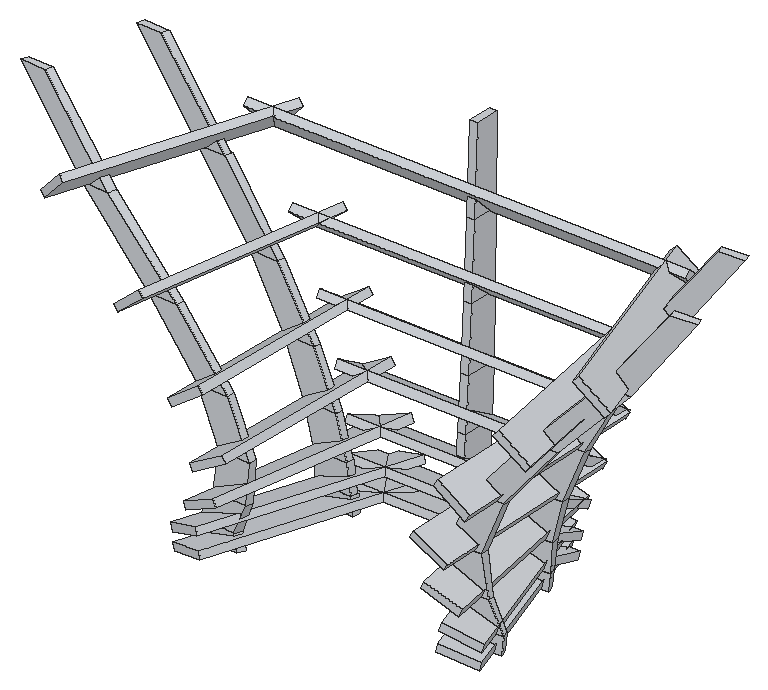
Revit family
Reference planes
  plane 1 "Centro (Fronte/Retro)": y = 0
  plane 2: z = 0
  plane 3 "Centro (Sinistra/Destra)": x = 0
Nested families
  nested 1: "RIBs+SPINEs" at (0, 0, 0), type "RIBs+SPINEs"
    with aa_width_next 181.262 mm, aa_width 187.939 mm, aa_spine plane1 201.612 mm, aa_real width 187.939 mm, aa_height 68.404 mm, TORSION_next 25.00°, TORSION 20.00°, SLIDING xy_next 10.00°, SLIDING xy 18.6603°, OFFSET_lat_next 54 mm, OFFSET_lat 16 mm, OFFSET_back_next 60 mm, OFFSET_back 40 mm, MARKER 2, HEIGHT_next 270 mm, HEIGHT 120 mm, BOARD width 200 mm
  nested 2: "RIBs+SPINEs" at (0, 0, 0), type "RIBs+SPINEs"
    with aa_width_next 187.939 mm, aa_width 193.185 mm, aa_spine plane1 201.612 mm, aa_real width 193.185 mm, aa_height 51.764 mm, TORSION_next 20.00°, TORSION 15.00°, SLIDING xy_next 18.6603°, SLIDING xy 18.6603°, OFFSET_lat_next 16 mm, OFFSET_lat 2 mm, OFFSET_back_next 40 mm, OFFSET_back 20 mm, MARKER 1, HEIGHT_next 120 mm, HEIGHT 30 mm, BOARD width 200 mm
  nested 3: "RIBs+SPINEs" at (0, 0, 0), type "RIBs+SPINEs"
    with aa_width_next 128.558 mm, aa_width 141.421 mm, aa_spine plane1 201.612 mm, aa_real width 141.421 mm, aa_height 141.421 mm, TORSION_next 50.00°, TORSION 45.00°, SLIDING xy_next 18.6603°, SLIDING xy 18.6603°, OFFSET_lat_next 1024 mm, OFFSET_lat 686 mm, OFFSET_back_next 160 mm, OFFSET_back 140 mm, MARKER 7, HEIGHT_next 1920 mm, HEIGHT 1470 mm, BOARD width 200 mm
  nested 4: "RIBs+SPINEs" at (0, 0, 0), type "RIBs+SPINEs"
    with aa_width_next 153.209 mm, aa_width 163.83 mm, aa_spine plane1 200.88 mm, aa_real width 163.83 mm, aa_height 114.715 mm, TORSION_next 40.00°, TORSION 35.00°, SLIDING xy_next 10.00°, SLIDING xy 1.33975°, OFFSET_lat_next 432 mm, OFFSET_lat 250 mm, OFFSET_back_next 120 mm, OFFSET_back 100 mm, MARKER 5, HEIGHT_next 1080 mm, HEIGHT 750 mm, BOARD width 200 mm
  nested 5: "RIBs+SPINEs" at (0, 0, 0), type "RIBs+SPINEs"
    with aa_width_next 163.83 mm, aa_width 173.205 mm, aa_spine plane1 200.88 mm, aa_real width 173.205 mm, aa_height 100 mm, TORSION_next 35.00°, TORSION 30.00°, SLIDING xy_next 1.33975°, SLIDING xy 1.33975°, OFFSET_lat_next 250 mm, OFFSET_lat 128 mm, OFFSET_back_next 100 mm, OFFSET_back 80 mm, MARKER 4, HEIGHT_next 750 mm, HEIGHT 480 mm, BOARD width 200 mm
  nested 6: "RIBs+SPINEs" at (0, 0, 0), type "RIBs+SPINEs"
    with aa_width_next 141.421 mm, aa_width 153.209 mm, aa_spine plane1 203.802 mm, aa_real width 153.209 mm, aa_height 128.558 mm, TORSION_next 45.00°, TORSION 40.00°, SLIDING xy_next 18.6603°, SLIDING xy 10.00°, OFFSET_lat_next 686 mm, OFFSET_lat 432 mm, OFFSET_back_next 140 mm, OFFSET_back 120 mm, MARKER 6, HEIGHT_next 1470 mm, HEIGHT 1080 mm, BOARD width 200 mm
  nested 7: "RIBs+SPINEs" at (0, 0, 0), type "RIBs+SPINEs"
    with aa_width_next 173.205 mm, aa_width 181.262 mm, aa_spine plane1 203.802 mm, aa_real width 181.262 mm, aa_height 84.524 mm, TORSION_next 30.00°, TORSION 25.00°, SLIDING xy_next 1.33975°, SLIDING xy 10.00°, OFFSET_lat_next 128 mm, OFFSET_lat 54 mm, OFFSET_back_next 80 mm, OFFSET_back 60 mm, MARKER 3, HEIGHT_next 480 mm, HEIGHT 270 mm, BOARD width 200 mm
Definition of nested family "RIBs+SPINEs"
  Parameters
    chair_WIDTH = 680 mm
    chair_DEPTH = 830 mm
    aa_width_next [instance] = if(BOARD width * cos(TORSION_next) < 80 mm, 80 mm, BOARD width * cos(TORSION_next))  # 128.558 mm
    aa_width [instance] = if(BOARD width * cos(TORSION) < 80 mm, 80 mm, BOARD width * cos(TORSION))  # 141.421 mm
    aa_spine plane1 [instance] = (40 mm * sin(SLIDING xy) + 200 mm) * cos(SLIDING xy)  # 201.612 mm
    aa_real width [instance] = BOARD width * cos(TORSION)  # 141.421 mm
    aa_height [instance] = BOARD width * sin(TORSION)  # 141.421 mm
    TORSION_next [instance] = 5.00° * (MARKER + 1) + 10.00°  # 50.00°
    TORSION [instance] = 5.00° * (MARKER) + 10.00°  # 45.00°
    SLIDING xy_next [instance] = 10.00° * (1 + sin((MARKER + 1) * 60.00°))  # 18.6603°
    SLIDING xy [instance] = 10.00° * (1 + sin((MARKER) * 60.00°))  # 18.6603°
    OFFSET_lat_next [instance] = 2 mm * (MARKER + 1) ^ 3  # 1024 mm
    OFFSET_lat [instance] = 2 mm * MARKER ^ 3  # 686 mm
    OFFSET_back_next [instance] = 20 mm * (MARKER + 1)  # 160 mm
    OFFSET_back [instance] = 20 mm * MARKER  # 140 mm
    MARKER [instance] = 7
    HEIGHT_next [instance] = 30 mm * (MARKER + 1) ^ 2  # 1920 mm
    HEIGHT [instance] = 30 mm * MARKER ^ 2  # 1470 mm
    BOARD width [instance] = 200 mm
  Reference planes
    plane 1 "Centro (Fronte/Retro)": y = 0
    plane 2: z = 0
    plane 3 "Centro (Sinistra/Destra)": x = 0
    plane 4: x = 680
    plane 5: y = -830
    plane 6: through (0, 0, 1200) normal (0.9474, -0.32, 0)
    plane 7: through (680, 0, 1200) normal (0.9474, 0.32, 0)
    plane 8 "left boundary": through (-622.656, 300.276, 1200) normal (0.9474, -0.32, 0)
    plane 9 "right boundary": through (1304.181, 295.762, 1200) normal (0.9474, 0.32, 0)
    plane 10 "back boundary": y = 140
    plane 11: x = 340
    plane 12 "rib base": z = 1470
    plane 13: z = 1611.421
    plane 14: y = 281.421
    plane 15 "spine plane1": y = -628.388
    plane 16 "rib +1": z = 1920
    plane 17 "testa spine": through (-809.298, -127.376, 1200) normal (0.9474, -0.32, 0)
    plane 18 "real spine plane": through (-123.045, -628.184, 1200) normal (-0.0523, -0.9986, 0)
    plane 19: through (0, 0, 1200) normal (0.9474, -0.32, 0)
    plane 20: through (-922.487, 468.833, 1200) normal (0.9474, -0.32, 0)
    plane 21: through (-1321.844, -525.302, 1200) normal (0.0523, 0.9986, 0)
    plane 22: y = -40
    plane 23: through (2001.844, -525.302, 1200) normal (0.0523, -0.9986, 0)
    plane 24: through (803.045, -628.184, 1200) normal (-0.0523, 0.9986, 0)
    plane 25: through (1141.066, 903.783, 1200) normal (0.9474, 0.32, 0)
    plane 26: through (680, 0, 1200) normal (0.9474, 0.32, 0)
    plane 27: through (1530.279, 682.651, 1200) normal (0.9474, 0.32, 0)
    plane 28: through (-92.245, -40.472, 1200) normal (-0.0523, -0.9986, 0)
    plane 29: through (-1009.261, -32.468, 1200) normal (0.0523, 0.9986, 0)
    plane 30: through (772.245, -40.472, 1200) normal (-0.0523, 0.9986, 0)
    plane 31: through (1689.261, -32.468, 1200) normal (0.0523, -0.9986, 0)
    plane 32: y = 160
    plane 33: y = 288.558
    plane 34: through (1248.575, 1027.438, 1200) normal (0.9474, 0.32, 0)
    plane 35: through (-1016.423, -423.718, 1200) normal (0.9474, -0.32, 0)
    plane 36: through (1283.638, 798.594, 600) normal (0.9474, 0.32, 0)
    plane 37: y = 281.421
  Forms (mm)
    Extrusion 1, void
      sketch origin (0, 0, 0) x (1, 0, 0) y (0, 1, 0)
        loop
          line (-676.783, 140) -> (1356.783, 140) -> (1684.36, -830) -> (1818.347, -784.751) -> (1458.292, 281.421) -> (-778.292, 281.421) -> (-1138.347, -784.751) -> (-1004.36, -830) -> (-676.783, 140)
      from 0 to 1470
    Blend 2, solid
      base sketch origin (0, 0, 1470) x (-1, 0, 0) y (0, -1, 0)
        loop
          line (1096.929, 537.09) -> (1110.221, 576.448) -> (963.549, 584.135) -> (950.257, 544.776) -> (1096.929, 537.09)
      top sketch origin (0, 0, 1470) x (-1, 0, 0) y (0, -1, 0)
        loop
          line (1447.429, 558.776) -> (1314.098, 565.763) -> (1300.806, 526.405) -> (1434.137, 519.417) -> (1447.429, 558.776)
      from 0 to 450
    Blend 3, solid
      base sketch origin (0, 0, 1470) x (-1, 0, 0) y (0, -1, 0)
        loop
          line (927.953, 36.729) -> (781.281, 44.416) -> (779.188, 4.47) -> (914.662, -2.629) -> (927.953, 36.729)
      top sketch origin (0, 0, 1470) x (-1, 0, 0) y (0, -1, 0)
        loop
          line (1251.87, -20.302) -> (1265.161, 19.057) -> (1131.831, 26.044) -> (1118.539, -13.314) -> (1251.87, -20.302)
      from 0 to 450
    Blend 4, solid
      base sketch origin (0, 0, 1470) x (-1, 0, 0) y (0, -1, 0)
        loop
          line (-320, -321.421) -> (-320, -180) -> (-360, -180) -> (-360, -321.421) -> (-320, -321.421)
      top sketch origin (0, 0, 1470) x (-1, 0, 0) y (0, -1, 0)
        loop
          line (-320, -328.558) -> (-320, -200) -> (-360, -200) -> (-360, -328.558) -> (-320, -328.558)
      from 0 to 450
    Blend 5, solid
      base sketch origin (0, 0, 1470) x (-1, 0, 0) y (0, -1, 0)
        loop
          line (-1630.257, 544.776) -> (-1643.549, 584.135) -> (-1790.221, 576.448) -> (-1776.929, 537.09) -> (-1630.257, 544.776)
      top sketch origin (0, 0, 1470) x (-1, 0, 0) y (0, -1, 0)
        loop
          line (-1980.806, 526.405) -> (-1994.098, 565.763) -> (-2127.429, 558.776) -> (-2114.137, 519.417) -> (-1980.806, 526.405)
      from 0 to 450
    Blend 6, solid
      base sketch origin (0, 0, 1470) x (-1, 0, 0) y (0, -1, 0)
        loop
          line (-1447.989, 5.057) -> (-1461.281, 44.416) -> (-1607.953, 36.729) -> (-1594.662, -2.629) -> (-1447.989, 5.057)
      top sketch origin (0, 0, 1470) x (-1, 0, 0) y (0, -1, 0)
        loop
          line (-1945.161, 19.057) -> (-1931.87, -20.302) -> (-1798.539, -13.314) -> (-1811.831, 26.044) -> (-1945.161, 19.057)
      from 0 to 450
    Extrusion 7, void
      sketch origin (0, 0, 1470) x (-1, 0, 0) y (0, -1, 0)
        loop
          line (1138.347, 784.751) -> (1177.833, 901.674) -> (1043.846, 946.922) -> (1004.36, 830) -> (1138.347, 784.751)
      from 0 to 141.421
    Extrusion 8, void
      sketch origin (0, 0, 1920) x (-1, 0, 0) y (0, -1, 0)
        loop
          line (-1684.36, 830) -> (-1723.846, 946.922) -> (-1857.833, 901.674) -> (-1818.347, 784.751) -> (-1684.36, 830)
      from -450 to -308.579
    Extrusion 9, void
      sketch origin (-1004.36, -830, 1470) x (0.947432, -0.319956, 0) y (0, 0, -1)
        loop
          line (-141.421, 0) -> (0, -141.421) -> (0, 0) -> (-141.421, 0)
      from 0 to 1173.088
    Extrusion 10, void
      sketch origin (0, 0, 0) x (0, 1, 0) y (0, 0, 1)
        loop
          line (140, 1470) -> (281.421, 1470) -> (140, 1611.421) -> (140, 1470)
      from -826.051 to 1506.051
    Extrusion 11, solid
      sketch origin (0, 281.421, 1470) x (0, -0.707107, 0.707107) y (-1, 0, 0)
        loop
          line (200, 826.051) -> (0, 826.051) -> (0, -1506.051) -> (200, -1506.051) -> (200, 826.051)
      from 0 to -40
    Extrusion 12, void
      sketch origin (1684.36, -830, 1920) x (-0.947432, -0.319956, 0) y (0, 0, 1)
        loop
          line (-141.421, -450) -> (0, -450) -> (0, -308.579) -> (-141.421, -450)
      from 0 to 1173.088
    Extrusion 13, solid
      sketch origin (1818.347, -784.751, 1470) x (-0.669936, -0.226243, 0.707107) y (-0.319956, 0.947432, 0)
        loop
          line (200, 0) -> (200, 1173.088) -> (0, 1173.088) -> (0, 0) -> (200, 0)
      from 0 to -40
    Extrusion 14, solid
      sketch origin (-1138.347, -784.751, 1470) x (0.669936, -0.226243, 0.707107) y (-0.319956, -0.947432, 0)
        loop
          line (200, 0) -> (0, 0) -> (0, -1173.088) -> (200, -1173.088) -> (200, 0)
      from 0 to -40
  Lines and regions (mm)
    reference lines
      curve 1: line (-1004.36, -830, 0) -> (-1629.666, -618.829, 0)
      curve 2: line (-1138.347, -784.751, 0) -> (-52.868, 2429.498, 0)
      curve 3: line (1684.36, -830, 0) -> (2158.076, -670.022, 0)
      curve 4: line (1818.347, -784.751, 0) -> (1555.124, -5.312, 0)
      curve 5: line (-1176.245, -771.953, 0) -> (-111.766, 2380.113, 0)
      curve 6: line (-629.024, 281.421, 1470) -> (-839.725, 352.577, 1470)
      curve 7: line (-1117.932, 15.112, 1920) -> (-1355.745, -689.084, 1920)
      curve 8: line (-1212.471, 136.966, 1920) -> (-1488.019, -678.969, 1920)
      curve 17: line (1309.024, 281.421, 1470) -> (1612.202, 383.807, 1470)
      curve 18: line (1630.257, -544.776, 1470) -> (1159.578, -569.444, 1470)
      curve 19: line (1008.673, -617.407, 1470) -> (1161.672, -609.389, 1470)
      curve 20: line (1758.497, 131.885, 1920) -> (2058.408, -756.192, 1920)
      curve 21: line (1833.284, 312.226, 1920) -> (2191.839, -749.501, 1920)
      curve 22: line (758.875, -590.443, 1920) -> (1123.375, -571.341, 1920)
      curve 23: line (1135.455, -610.763, 1920) -> (815.893, -627.51, 1920)
      curve 24: line (-482.168, -60.091, 1470) -> (-781.281, -44.416, 1470)
      curve 25: line (-781.281, -44.416, 1470) -> (-779.188, -4.47, 1470)
      curve 26: line (-779.188, -4.47, 1470) -> (-469.372, -20.707, 1470)
      curve 27: line (-240.722, -72.745, 1920) -> (-799.954, -43.437, 1920)
      curve 28: line (-697.998, -8.725, 1920) -> (-258.601, -31.753, 1920)
      curve 29: line (922.146, -32.616, 1920) -> (1171.803, -19.532, 1920)
      curve 30: line (1173.897, -59.477, 1920) -> (934.226, -72.037, 1920)
      curve 31: line (320, 444.904, 1470) -> (320, 26.687, 1470)
      curve 32: line (360, 444.904, 1470) -> (360, 66.687, 1470)
      curve 33: line (149.371, 321.421, 1470) -> (484.254, 321.421, 1470)
      curve 34: line (204.49, 180, 1470) -> (424.49, 180, 1470)
      curve 35: line (165.953, 328.558, 1920) -> (505.953, 328.558, 1920)
      curve 36: line (224.139, 200, 1920) -> (444.139, 200, 1920)
      curve 37: line (-826.051, 140, 1470) -> (-826.051, 234.46, 1470)
      curve 38: line (1506.051, 140, 1470) -> (1506.051, 239.46, 1470)
    model lines
      curve 9: line (-1434.137, -519.417, 1920) -> (-1300.806, -526.405, 1920)
      curve 10: line (-1447.429, -558.776, 1920) -> (-1434.137, -519.417, 1920)
      curve 11: line (-1314.098, -565.763, 1920) -> (-1447.429, -558.776, 1920)
      curve 12: line (-1300.806, -526.405, 1920) -> (-1314.098, -565.763, 1920)
      curve 13: line (-1096.929, -537.09, 1470) -> (-950.257, -544.776, 1470)
      curve 14: line (-1110.221, -576.448, 1470) -> (-1096.929, -537.09, 1470)
      curve 15: line (-963.549, -584.135, 1470) -> (-1110.221, -576.448, 1470)
      curve 16: line (-950.257, -544.776, 1470) -> (-963.549, -584.135, 1470)
  Dimensions and locks
    "chair_WIDTH": plane 3 "Centro (Sinistra/Destra)" to plane 4
    "chair_DEPTH": plane 1 "Centro (Fronte/Retro)" to plane 5
    equal spacing: plane 3 "Centro (Sinistra/Destra)", plane 11, plane 4
    "OFFSET_lat": plane 6 to plane 8 "left boundary"
    "OFFSET_lat": plane 9 "right boundary" to plane 7
    "OFFSET_back": plane 1 "Centro (Fronte/Retro)" to plane 10 "back boundary"
    "aa_width": plane 8 "left boundary" to curve 2
    "aa_width": curve 4 to plane 9 "right boundary"
    "HEIGHT": plane 12 "rib base" to level
    "aa_height": plane 13 to plane 12 "rib base"
    curve 2 to curve 5 = 40 mm
    "aa_width": plane 14 to plane 10 "back boundary"
    "aa_spine plane1": plane 15 "spine plane1" to plane 5
    "HEIGHT_next": plane 16 "rib +1" to plane 2
    plane 8 "left boundary" to plane 17 "testa spine" = 40 mm
    "OFFSET_lat_next": plane 19 to plane 20
    plane 18 "real spine plane" to plane 21 = 40 mm
    plane 20 to curve 7 = 40 mm
    "aa_width_next": curve 8 to curve 7
    plane 22 to plane 1 "Centro (Fronte/Retro)" = 40 mm
    plane 25 to plane 9 "right boundary" = 40 mm
    "OFFSET_lat_next": plane 27 to plane 26
    curve 20 to plane 27 = 40 mm
    "aa_width_next": curve 20 to curve 21
    locked: plane 29 to plane 28 at 40
    curve 34 to plane 10 "back boundary" = 40 mm
    plane 14 to curve 33 = 40 mm
    curve 31 to plane 11 to curve 32 = 20 mm, 20 mm
    "OFFSET_back_next": plane 1 "Centro (Fronte/Retro)" to plane 32
    "aa_width_next": plane 33 to plane 32
    curve 35 to plane 33 = 40 mm
    curve 36 to plane 32 = 40 mm
    "aa_width": plane 34 to plane 25
    "aa_real width": plane 8 "left boundary" to plane 35
    "aa_real width": plane 36 to plane 9 "right boundary"
    "aa_real width": plane 37 to plane 10 "back boundary"
    "SLIDING xy": angle plane 6 to plane 3 "Centro (Sinistra/Destra)"
    "SLIDING xy": angle plane 4 to plane 7
    "SLIDING xy": angle plane 11 to plane 9 "right boundary"
    "SLIDING xy": angle plane 8 "left boundary" to plane 11
    "SLIDING xy": angle curve 1 to plane 5
    "SLIDING xy": angle plane 5 to curve 3
    "SLIDING xy": angle curve 6 to plane 14
    "SLIDING xy_next": angle plane 19 to plane 3 "Centro (Sinistra/Destra)"
    "SLIDING xy": angle plane 14 to curve 17
    "SLIDING xy_next": angle plane 4 to plane 26
    aligned and locked: Extrusion 1 sketch curve to plane 8 "left boundary"
    aligned and locked: Extrusion 1 sketch curve to curve 1
    aligned and locked: Extrusion 1 sketch curve to curve 2
    aligned and locked: Extrusion 1 sketch curve to plane 10 "back boundary"
    aligned and locked: Extrusion 1 sketch curve to plane 9 "right boundary"
    aligned and locked: Extrusion 1 sketch curve to curve 4
    aligned and locked: Extrusion 1 sketch curve to curve 3
    aligned and locked: Extrusion 1 to plane 12 "rib base"
    aligned and locked: Extrusion 1 sketch curve to plane 14
    aligned and locked: curve 10 to curve 8
    aligned and locked: curve 9 to plane 21
    aligned and locked: curve 7 to curve 12
    aligned and locked: curve 11 to plane 18 "real spine plane"
    aligned and locked: curve 16 to plane 17 "testa spine"
    aligned and locked: curve 5 to curve 14
    aligned and locked: curve 13 to plane 21
    aligned and locked: curve 15 to plane 18 "real spine plane"
    aligned and locked: Blend 2 sketch curve to curve 13
    aligned and locked: Blend 2 sketch curve to curve 15
    aligned and locked: Blend 2 sketch curve to curve 16
    aligned and locked: Blend 2 sketch curve to curve 14
    aligned and locked: Blend 2 sketch curve to curve 10
    aligned and locked: Blend 2 sketch curve to curve 9
    aligned and locked: Blend 2 sketch curve to curve 12
    aligned and locked: Blend 2 sketch curve to curve 11
    aligned and locked: curve 5 to Blend 3 sketch curve
    aligned and locked: Blend 3 sketch curve to curve 28  (x2)
    aligned and locked: Blend 3 sketch curve to curve 25
    aligned and locked: curve 27 to Blend 3 sketch curve  (x2)
    aligned and locked: curve 8 to Blend 3 sketch curve
    aligned and locked: curve 7 to Blend 3 sketch curve
    aligned and locked: curve 31 to Blend 4 sketch curve  (x2)
    aligned and locked: curve 33 to Blend 4 sketch curve
    aligned and locked: curve 32 to Blend 4 sketch curve  (x2)
    aligned and locked: curve 34 to Blend 4 sketch curve
    aligned and locked: curve 35 to Blend 4 sketch curve
    aligned and locked: curve 36 to Blend 4 sketch curve
    aligned and locked: Blend 5 sketch curve to curve 18
    aligned and locked: curve 19 to Blend 5 sketch curve
    aligned and locked: Blend 5 sketch curve to plane 34
    aligned and locked: Blend 5 sketch curve to plane 25
    aligned and locked: curve 20 to Blend 5 sketch curve
    aligned and locked: Blend 5 sketch curve to plane 23
    aligned and locked: plane 24 to Blend 5 sketch curve
    aligned and locked: curve 21 to Blend 5 sketch curve
    aligned and locked: plane 30 to Blend 6 sketch curve  (x2)
    aligned and locked: plane 31 to Blend 6 sketch curve
    aligned and locked: Blend 6 sketch curve to plane 25
    aligned and locked: Blend 6 sketch curve to plane 34
    aligned and locked: Blend 6 sketch curve to plane 31
    aligned and locked: curve 21 to Blend 6 sketch curve
    aligned and locked: curve 20 to Blend 6 sketch curve
    aligned and locked: plane 16 "rib +1" to Blend 3
    aligned and locked: plane 16 "rib +1" to Blend 2
    aligned and locked: plane 16 "rib +1" to Blend 4
    aligned and locked: Blend 5 to plane 16 "rib +1"
    aligned and locked: Blend 6 to plane 16 "rib +1"
    aligned and locked: Extrusion 7 sketch curve to plane 35
    aligned and locked: Extrusion 7 sketch curve to plane 8 "left boundary"
    aligned and locked: Extrusion 7 sketch curve to curve 1
    aligned and locked: plane 13 to Extrusion 7
    aligned and locked: Extrusion 7 to Extrusion 1
    aligned and locked: Extrusion 8 sketch curve to plane 9 "right boundary"
    aligned and locked: Extrusion 8 sketch curve to curve 3
    aligned and locked: Extrusion 8 sketch curve to plane 36
    aligned and locked: Extrusion 8 to Extrusion 1
    aligned and locked: Extrusion 8 to plane 13
    aligned and locked: Extrusion 9 to curve 6
    aligned and locked: plane 10 "back boundary" to Extrusion 10 sketch curve
    aligned and locked: plane 12 "rib base" to Extrusion 10 sketch curve
    aligned and locked: Extrusion 10 to curve 38
    aligned and locked: Extrusion 10 to curve 37
    aligned and locked: Extrusion 11 sketch curve to Extrusion 10  (x4)
    aligned and locked: Extrusion 12 to curve 17
    aligned and locked: Extrusion 13 sketch curve to Extrusion 12  (x4)
    aligned and locked: Extrusion 14 sketch curve to Extrusion 9  (x4)
  Automatic sketch dimensions
    curve 1 to plane 5 = 0 mm
    curve 1 to plane 8 "left boundary" = 0 mm
    curve 3 to plane 5 = 0 mm
    curve 3 to plane 9 "right boundary" = 0 mm
    curve 5 to plane 3 "Centro (Sinistra/Destra)" = 111.766 mm
    curve 2 to plane 3 "Centro (Sinistra/Destra)" = 52.868 mm
    plane 1 "Centro (Fronte/Retro)" to curve 4 = 5.312 mm
    curve 18 to plane 23 = 0 mm  (x2)
    curve 18 to plane 25 = 0 mm
    curve 17 to plane 9 "right boundary" = 0 mm
    curve 17 to plane 14 = 0 mm
    curve 6 to plane 8 "left boundary" = 0 mm
    curve 6 to plane 14 = 0 mm
    curve 26 to plane 28 = 0 mm  (x2)
    curve 25 to plane 17 "testa spine" = 0 mm
    curve 24 to plane 29 = 0 mm
    curve 33 to plane 11 = 144.254 mm
    curve 34 to plane 11 = 84.49 mm
    curve 31 to plane 1 "Centro (Fronte/Retro)" = 26.687 mm
    plane 11 to curve 34 = 135.51 mm
    curve 31 to curve 33 = 170.629 mm
    curve 26 to plane 22 = 19.293 mm
    plane 22 to curve 24 = 20.091 mm
    curve 31 to curve 33 = 123.482 mm
    curve 32 to curve 31 = 0 mm
    curve 32 to plane 1 "Centro (Fronte/Retro)" = 66.687 mm
    curve 19 to plane 24 = 0 mm  (x2)
    plane 15 "spine plane1" to curve 18 = 58.945 mm
    plane 15 "spine plane1" to curve 19 = 18.999 mm
    plane 15 "spine plane1" to curve 19 = 10.981 mm
    Extrusion 7 sketch curve to plane 5 = 71.674 mm
    Extrusion 8 sketch curve to plane 5 = 71.674 mm
    Extrusion 9 sketch curve to Extrusion 7 = 0 mm  (x4)
    curve 30 to plane 31 = 0 mm  (x2)
    curve 21 to plane 18 "real spine plane" = 0 mm
    curve 29 to plane 30 = 0 mm  (x2)
    curve 23 to plane 24 = 0 mm  (x2)
    curve 22 to plane 23 = 0 mm  (x2)
    curve 27 to plane 29 = 0 mm  (x2)
    curve 28 to plane 28 = 0 mm  (x2)
    plane 22 to curve 30 = 19.477 mm
    plane 1 "Centro (Fronte/Retro)" to curve 29 = 19.532 mm
    plane 15 "spine plane1" to curve 23 = 17.625 mm
    plane 15 "spine plane1" to curve 22 = 57.047 mm
    plane 33 to curve 21 = 23.668 mm
    plane 5 to curve 20 = 73.808 mm
    plane 22 to curve 30 = 32.037 mm
    curve 29 to plane 22 = 7.384 mm
    curve 20 to plane 10 "back boundary" = 8.115 mm
    plane 15 "spine plane1" to curve 23 = 0.878 mm
    plane 15 "spine plane1" to curve 22 = 37.945 mm
    curve 35 to plane 11 = 165.953 mm
    curve 36 to plane 11 = 104.139 mm
    plane 11 to curve 36 = 115.861 mm
    plane 3 "Centro (Sinistra/Destra)" to curve 35 = 165.953 mm
    curve 7 to plane 1 "Centro (Fronte/Retro)" = 15.112 mm
    plane 22 to curve 27 = 32.745 mm
    curve 28 to plane 22 = 8.247 mm
    curve 7 to plane 15 "spine plane1" = 60.696 mm
    curve 8 to plane 10 "back boundary" = 3.034 mm
    curve 8 to plane 15 "spine plane1" = 50.581 mm
    plane 1 "Centro (Fronte/Retro)" to curve 28 = 8.725 mm
    plane 22 to curve 27 = 3.437 mm
    curve 38 to plane 10 "back boundary" = 0 mm
    curve 38 to plane 36 = 0 mm
    curve 38 to plane 14 = 41.962 mm
    curve 37 to plane 10 "back boundary" = 0 mm
    curve 37 to plane 35 = 0 mm
    curve 37 to plane 14 = 46.962 mm
    Extrusion 10 sketch curve to plane 14 = 0 mm
    Extrusion 10 sketch curve to plane 13 = 0 mm
    Extrusion 12 sketch curve to Extrusion 8 = 0 mm  (x4)
